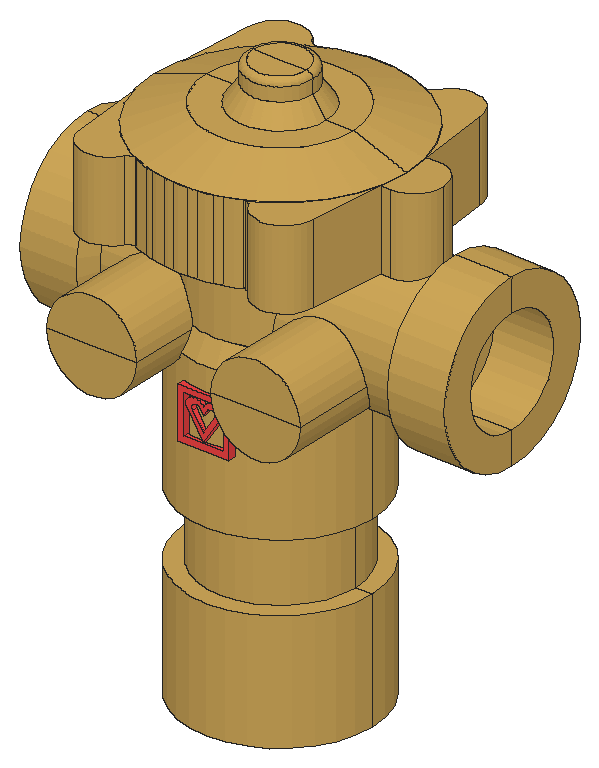
Revit family "Комби-клапан – регулятор расхода 4206_R_SMART", category Rohrzubehör, Revit 2018
Family settings
  Bemaßung runder Anschluss = Durchmesser verwenden
  Teiletyp = Unterbricht
  OmniClass-Nummer = 23.65.55.14
  OmniClass-Titel = Valves for Liquid Services
  Arbeitsebenenbasiert = Nein
  Immer vertikal = Ja
  Beim Laden mit Abzugskörper schneiden = Nein
  Gemeinsam genutzt = Nein
Parameters
  Номер заказа [instance] = size_lookup("4206R_S", "Artnr", 0, Nennweite)  # 1420661
  Мин. рабочая температура (чистая вода) = 2 °C  # constant formula
  Мин. рабочая температура (антифриз) = -20 °C  # constant formula
  Макс. перепад давления = 400000.0 Pa  # constant formula
  Макс. рабочая температура до DN32 = 130 °C  # constant formula
  Макс. рабочая температура от DN40 = 110 °C  # constant formula
  Макс. рабочее давление = 1600000.0 Pa  # constant formula
  Среда = "Качество теплоносителя в соответствии с ÖNORM H5195 и/или предписаниями VDI-Standard 2035.\nРазрешается использование смеси этилен- или пропиленгликоля в соотношении 25-50% с водой."
  URL = "www.herz-armaturen.ru"
  Шпиндель = "Нержавеющая сталь 14301"  # constant formula
  SCRNSEQ = "ARM;ARM_TYP=\"DURR\";2"
  SCRNCODE = "05;04;02"  # constant formula
  S04 [instance] = R01 * 2  # 30.00 mm
  S01 [instance] = L01 + L02  # 75.00 mm
  R02 [instance] = size_lookup("4206R_S", "R2", 9.32 mm, Nennweite)  # 9.316 mm
  R01 [instance] = size_lookup("4206R_S", "R1", 15.00 mm, Nennweite)  # 15.00 mm
  PN = 25  # constant formula
  Кольцевое уплотнение O-Ring = "EPDM"  # constant formula
  Корпус мембраны = "Латунь CW602N"  # constant formula
  Мембрана = "EPDM"  # constant formula
  L14 = 44.00 mm  # constant formula
  L13 = 32.00 mm  # constant formula
  L07 = 119.30°  # constant formula
  L06 = 3.44 mm  # constant formula
  Импульсная трубка = "Медь Cu-DHP (CW024A)"  # constant formula
  Hersteller = "Herz-Armaturen GmbH"  # constant formula
  H11 = 27.60 mm  # constant formula
  H10 = 22.33 mm  # constant formula
  Корпус = "Латунь, устойчивая к селективной цинковой коррозии"  # constant formula
  Пружина = "Пружинная нержавеющая сталь"  # constant formula
  Защитный колпачок = "Пластик"  # constant formula
  B16 = 26.00 mm  # constant formula
  B15 = 23.00 mm  # constant formula
  B14 = 8.73 mm  # constant formula
  B13 = 40.79 mm  # constant formula
  B12 = 36.73 mm  # constant formula
  B11 = 34.69 mm  # constant formula
  B10 = 31.75 mm  # constant formula
  B09 [instance] = size_lookup("4206R_S", "B9", 3.30 mm, Nennweite)  # 3.30 mm
  Nennweite [instance] = 15.00 mm
  L05 = 3.44 mm  # constant formula
  L04 [instance] = size_lookup("4206R_S", "L4", 12.00 mm, Nennweite)  # 12.00 mm
  L03 [instance] = size_lookup("4206R_S", "L3", 10.00 mm, Nennweite)  # 10.00 mm
  L02 = 34.00 mm  # constant formula
  L01 = 41.00 mm  # constant formula
  H09 = 1.08 mm  # constant formula
  H08 = 4.24 mm  # constant formula
  H07 = 28.19 mm  # constant formula
  H06 = 24.02 mm  # constant formula
  H05 = 10.06 mm  # constant formula
  H04 = 6.74 mm  # constant formula
  H03 = 3.46 mm  # constant formula
  H02 [instance] = size_lookup("4206R_S", "H2", 65.00 mm, Nennweite)  # 65.00 mm
  H01 [instance] = size_lookup("4206R_S", "H1", 32.00 mm, Nennweite)  # 35.00 mm
  B08 = 23.05 mm  # constant formula
  B07 [instance] = size_lookup("4206R_S", "B7", 16.50 mm, Nennweite)  # 16.50 mm
  B06 = 5.86 mm  # constant formula
  B05 = 3.70 mm  # constant formula
  B04 = 6.75 mm  # constant formula
  B03 = 7.93 mm  # constant formula
  B02 [instance] = size_lookup("4206R_S", "B2", 12.50 mm, Nennweite)  # 12.50 mm
  B01 = 41.62 mm  # constant formula
  Область применения = "Комби-клапан применяется в системах отопления и охлаждения с насосами. Комби-клапан автоматически ограничивает расход на выбранном участке системы до заданного значения, компенсируя все колебания давления. При этом нет необходимости в измерениях, а регулирование эффективно при любых условиях эксплуатации. Комби-клапан регулирует расход в соответствии с настройкой до заданного значения; на мембрану воздействует давление непосредственно до и после регулирующей части."
Reference planes
  plane 1 "Mitte (Vorne/hinten)": y = 0
  plane 2: z = 0
  plane 3 "Mitte (Links/rechts)": x = 0
Forms (mm)
  Revolve 1, solid, material "Messing, weicher Gelbton, geschweißt"
    sketch origin (0, 0, 0) x (1, 0, 0) y (0, 0, 1)
      loop
        line (0, -65) -> (16.292, -65) -> (16.292, -44) -> (13.292, -44) -> (13.292, -32) -> (16.292, -32) -> (16.292, -6.498) -> (14.505, -2.652) -> (14.505, 6.81) -> (22.33, 10.98) -> (22.33, 24.94) -> (12.949, 28.26) -> (8.129, 28.26) -> (5.75, 31.54) -> (5.75, 33.92)
        arc (5.75, 33.92) -> (5.434, 34.684) -> (4.67, 35) r 1.08
        line (4.67, 35) -> (0, 35) -> (0, -65)
      axis (0, 35) -> (0, -65)
    angle from 0 to 360
  Revolve 2, solid, material "Messing, weicher Gelbton, geschweißt"
    sketch origin (0, 0, -3.3) x (1, 0, 0) y (0, 1, 0)
      loop
        line (-20.425, -26) -> (-12.5, -26) -> (-12.5, -8.046) -> (-20.425, -8.046) -> (-20.425, -26)
      axis (-12.5, -8.046) -> (-12.5, -26)
    angle from 0 to 360
  Revolve 3, solid, material "Messing, weicher Gelbton, geschweißt"
    sketch origin (0, 0, 0) x (-1, 0, 0) y (0, 0, 1)
      loop
        line (34, 9.316) -> (34, 15) -> (24, 15) -> (22.317, 12) -> (-29.317, 12) -> (-31, 15) -> (-41, 15) -> (-41, 9.316) -> (-30.281, 9.316) -> (-30.281, 0) -> (19.925, 0) -> (19.925, 9.316) -> (34, 9.316)
      axis (-41, 0) -> (34, 0)
    angle from 0 to 360
  Extrusion 4, solid, material "Messing, weicher Gelbton, geschweißt"
    sketch origin (0, 0, 25.912) x (-1, 0, 0) y (0, -1, 0)
      loop
        arc (-20.427, -18.385) -> (-16.688, -23.223) -> (-11.063, -20.825) r 5
        arc (-11.063, -20.825) -> (-10.479, -20.304) -> (-9.74, -20.044) r 2.018
        arc (-9.74, -20.044) -> (0, -22.318) -> (9.74, -20.044) r 22
        arc (9.74, -20.044) -> (10.479, -20.304) -> (11.063, -20.825) r 2.018
        arc (11.063, -20.825) -> (16.688, -23.223) -> (20.427, -18.385) r 5
        arc (20.427, -18.385) -> (22, 0) -> (20.427, 18.385) r 108.221
        arc (20.427, 18.385) -> (16.688, 23.223) -> (11.063, 20.825) r 5
        arc (11.063, 20.825) -> (10.467, 20.297) -> (9.713, 20.04) r 2.018
        arc (9.713, 20.04) -> (0, 22.3) -> (-9.713, 20.04) r 22
        arc (-9.713, 20.04) -> (-10.467, 20.297) -> (-11.063, 20.825) r 2.018
        arc (-11.063, 20.825) -> (-16.688, 23.223) -> (-20.427, 18.385) r 5
        arc (-20.427, 18.385) -> (-21.356, 11.79) -> (-21.877, 5.15) r 108.221
        line (-21.877, 5.15) -> (-23.7, 5.15)
        arc (-23.7, 5.15) -> (-27.342, 3.642) -> (-28.85, 0) r 5.15
        arc (-28.85, 0) -> (-27.342, -3.642) -> (-23.7, -5.15) r 5.15
        line (-23.7, -5.15) -> (-21.877, -5.15)
        arc (-21.877, -5.15) -> (-21.356, -11.79) -> (-20.427, -18.385) r 108.221
    from -14.932 to -0.972
  Revolve 5, solid, material "Messing, weicher Gelbton, geschweißt"
    sketch origin (0, 0, -3.3) x (-1, 0, 0) y (0, -1, 0)
      loop
        line (-24.425, 26) -> (-24.425, 8.046) -> (-16.5, 8.046) -> (-16.5, 26) -> (-24.425, 26)
      axis (-16.5, 8.046) -> (-16.5, 26)
    angle from 0 to 360
Lines and regions (mm)
  model lines, detail levels coarse+medium
    curve 1: line (-37.5, 0, 15) -> (-37.5, 0, -15)
    curve 2: line (-37.5, 0, -15) -> (37.5, 0, 15)
    curve 3: line (37.5, 0, 15) -> (37.5, 0, -15)
    curve 4: line (37.5, 0, -15) -> (-37.5, 0, 15)
    curve 5: line (37.287, 0, -14.915) -> (0, 0, 6.74)
    curve 6: line (0, 0, 6.74) -> (-37.5, 0, -15)
    curve 7: line (0, 0, 6.74) -> (0, 0, 24.94)
    curve 8: spline (-22.326, 0, 29.97) -> (-21.566, 0, 31.272) -> (-19.335, 0, 32.485) -> (-15.787, 0, 33.527) -> (-11.163, 0, 34.326) -> (-5.779, 0, 34.829) -> (0, 0, 35) -> (5.779, 0, 34.829) -> (11.163, 0, 34.326) -> (15.787, 0, 33.527) -> (19.335, 0, 32.485) -> (21.566, 0, 31.272) -> (22.326, 0, 29.97) -> (21.566, 0, 28.668) -> (19.335, 0, 27.455) -> (15.787, 0, 26.413) -> (11.163, 0, 25.614) -> (5.779, 0, 25.111) -> (0, 0, 24.94) -> (-5.779, 0, 25.111) -> (-11.163, 0, 25.614) -> (-15.787, 0, 26.413) -> (-19.335, 0, 27.455) -> (-21.566, 0, 28.668) -> (-22.326, 0, 29.97)
    curve 9: line (37.5, -15, 0) -> (37.5, 15, 0)
    curve 10: line (37.5, 15, 0) -> (-37.5, -15, 0)
    curve 11: line (-37.5, -15, 0) -> (-37.5, 15, 0)
    curve 12: line (-37.5, 15, 0) -> (37.5, -15, 0)
    curve 13: line (-37.5, 14.673, 0) -> (0, -6.74, 0)
    curve 14: line (0, -6.74, 0) -> (37.5, 14.673, 0)
    curve 15: line (0, -6.74, 0) -> (0, -24.94, 0)
    curve 16: spline (-22.33, -29.97, 0) -> (-21.569, -28.668, 0) -> (-19.338, -27.455, 0) -> (-15.79, -26.413, 0) -> (-11.165, -25.614, 0) -> (-5.779, -25.111, 0) -> (0, -24.94, 0) -> (5.779, -25.111, 0) -> (11.165, -25.614, 0) -> (15.79, -26.413, 0) -> (19.338, -27.455, 0) -> (21.569, -28.668, 0) -> (22.33, -29.97, 0) -> (21.569, -31.272, 0) -> (19.338, -32.485, 0) -> (15.79, -33.527, 0) -> (11.165, -34.326, 0) -> (5.779, -34.829, 0) -> (0, -35, 0) -> (-5.779, -34.829, 0) -> (-11.165, -34.326, 0) -> (-15.79, -33.527, 0) -> (-19.338, -32.485, 0) -> (-21.569, -31.272, 0) -> (-22.33, -29.97, 0)
Dimensions and locks
  "H01": Revolve 1 sketch curve to plane 2
  "H02": plane 2 to Revolve 1 sketch curve
  "H03": Revolve 1 sketch curve to Revolve 1 sketch curve
  "H04": Revolve 1 sketch curve to Revolve 1 sketch curve
  "H05": Revolve 1 sketch curve to Revolve 1 sketch curve
  "H06": Revolve 1 sketch curve to Revolve 1 sketch curve
  "H07": Revolve 1 sketch curve to Revolve 1 sketch curve
  "H08": Revolve 1 sketch curve to Revolve 1 sketch curve
  "L02": plane 3 "Mitte (Links/rechts)" to Revolve 3 sketch curve
  "L01": Revolve 3 sketch curve to plane 3 "Mitte (Links/rechts)"
  "L03": Revolve 3 sketch curve to Revolve 3 sketch curve
  "L04": Revolve 3 sketch curve to plane 2
  "L05": Revolve 3 sketch curve to Revolve 3 sketch curve
  "R01": Revolve 3 sketch curve to plane 2  (x2)
  "R02": Revolve 3 sketch curve to plane 2  (x2)
  "B16": Revolve 2 sketch curve to plane 1 "Mitte (Vorne/hinten)"
  "B02": Revolve 2 sketch curve to plane 3 "Mitte (Links/rechts)"
  "B07": plane 3 "Mitte (Links/rechts)" to Revolve 5 sketch curve
  "B16": plane 1 "Mitte (Vorne/hinten)" to Revolve 5 sketch curve
  "L06": Revolve 3 sketch curve to Revolve 3 sketch curve
  "S01": curve 11 to curve 9
  equal spacing: curve 11, plane 3 "Mitte (Links/rechts)", curve 9
  "S04": curve 12 to curve 11
  "S04": curve 10 to curve 12
  equal spacing: curve 10, plane 1 "Mitte (Vorne/hinten)", curve 12
  equal spacing: curve 12, plane 1 "Mitte (Vorne/hinten)", curve 10
  "H10": curve 16 to plane 3 "Mitte (Links/rechts)" to curve 16
  "H10": plane 3 "Mitte (Links/rechts)" to Revolve 1 sketch curve
  "H04": curve 15 to plane 1 "Mitte (Vorne/hinten)"
  "H05": curve 16 to curve 16
  "H01": curve 16 to plane 1 "Mitte (Vorne/hinten)"
  "S01": curve 1 to curve 3
  equal spacing: curve 1, plane 3 "Mitte (Links/rechts)", curve 3
  "S04": curve 4 to curve 6
  "S04": curve 3 to curve 4
  equal spacing: curve 4, plane 2, curve 6
  equal spacing: curve 3, plane 2, curve 4
  "H04": curve 7 to plane 2
  "H01": curve 8 to plane 2
  "H05": curve 8 to curve 8
  "L13": plane 2 to Revolve 1 sketch curve
  "L14": plane 2 to Revolve 1 sketch curve
  "H09": radius of Revolve 1 sketch curve
  aligned and locked: level to plane 2
  aligned and locked: Extrusion 4 to Revolve 1
  aligned and locked: Revolve 1 to Extrusion 4
Automatic sketch dimensions
  Extrusion 4 sketch curve to Extrusion 4 sketch curve = 0.00 mm  (x5)
  plane 1 "Mitte (Vorne/hinten)" to Extrusion 4 sketch curve = 0.00 mm  (x3)
  Extrusion 4 sketch curve to plane 3 "Mitte (Links/rechts)" = 0.00 mm  (x2)
  plane 3 "Mitte (Links/rechts)" to Extrusion 4 sketch curve = 9.452 mm  (x2)
  Extrusion 4 sketch curve to Extrusion 4 sketch curve = 5.975 mm  (x4)
  Extrusion 4 sketch curve to plane 1 "Mitte (Vorne/hinten)" = 5.15 mm
  Extrusion 4 sketch curve to Extrusion 4 sketch curve = 6.45 mm
  Extrusion 4 sketch curve to Extrusion 4 sketch curve = 1.823 mm
  Extrusion 4 sketch curve to Extrusion 4 sketch curve = 57.371 mm
  Extrusion 4 sketch curve to plane 3 "Mitte (Links/rechts)" = 9.452 mm  (x2)
  Extrusion 4 sketch curve to Extrusion 4 sketch curve = 70.794 mm
  Extrusion 4 sketch curve to plane 1 "Mitte (Vorne/hinten)" = 18.385 mm
  Extrusion 4 sketch curve to Extrusion 4 sketch curve = 13.235 mm  (x2)
  Extrusion 4 sketch curve to Extrusion 4 sketch curve = 3.657 mm  (x4)
  Extrusion 4 sketch curve to plane 1 "Mitte (Vorne/hinten)" = 0.318 mm
  plane 1 "Mitte (Vorne/hinten)" to Extrusion 4 sketch curve = 0.30 mm
  plane 1 "Mitte (Vorne/hinten)" to Extrusion 4 sketch curve = 18.385 mm
  Extrusion 4 sketch curve to Extrusion 4 sketch curve = 0.261 mm  (x2)
  Extrusion 4 sketch curve to Extrusion 4 sketch curve = 0.288 mm  (x2)
  Extrusion 4 sketch curve to Extrusion 4 sketch curve = 1.35 mm  (x2)
  Extrusion 4 sketch curve to Extrusion 4 sketch curve = 1.323 mm
  Extrusion 4 sketch curve to Extrusion 4 sketch curve = 5.00 mm
  curve 14 to plane 3 "Mitte (Links/rechts)" = 0.00 mm
  curve 14 to curve 9 = 0.327 mm
  curve 13 to curve 11 = 0.327 mm
  Revolve 1 sketch curve to plane 3 "Mitte (Links/rechts)" = 0.00 mm  (x2)
  plane 3 "Mitte (Links/rechts)" to Revolve 1 sketch curve = 4.67 mm
  Revolve 1 sketch curve to Revolve 1 sketch curve = 2.379 mm
  Revolve 1 sketch curve to Revolve 1 sketch curve = 4.82 mm
  plane 3 "Mitte (Links/rechts)" to Revolve 1 sketch curve = 13.292 mm
  Revolve 1 sketch curve to level = 2.652 mm
  plane 3 "Mitte (Links/rechts)" to Revolve 1 sketch curve = 14.505 mm
  Revolve 1 sketch curve to Revolve 1 sketch curve = 3.00 mm  (x2)
  Revolve 1 sketch curve to Revolve 1 sketch curve = 292.892 mm
  Revolve 1 sketch curve to Revolve 1 sketch curve = 2176.299 mm
  Revolve 2 sketch curve to Revolve 2 sketch curve = 7.925 mm
  plane 1 "Mitte (Vorne/hinten)" to Revolve 2 sketch curve = 8.046 mm
  Revolve 2 sketch curve to Revolve 2 sketch curve = 0.00 mm  (x2)
  Revolve 2 sketch curve to Revolve 2 sketch curve = 15.617 mm
  Revolve 3 sketch curve to level = 0.00 mm  (x2)
  Revolve 3 sketch curve to Revolve 3 sketch curve = 10.00 mm
  Revolve 3 sketch curve to Revolve 3 sketch curve = 0.964 mm
  Revolve 3 sketch curve to Revolve 3 sketch curve = 2.391 mm
  Revolve 3 sketch curve to Revolve 3 sketch curve = 1315.107 mm
  Revolve 3 sketch curve to Revolve 3 sketch curve = 1862.053 mm
  Revolve 5 sketch curve to Revolve 5 sketch curve = 7.925 mm
  plane 1 "Mitte (Vorne/hinten)" to Revolve 5 sketch curve = 8.046 mm
  Revolve 5 sketch curve to Revolve 5 sketch curve = 0.00 mm  (x2)
  Revolve 5 sketch curve to Revolve 5 sketch curve = 15.617 mm
  curve 6 to plane 3 "Mitte (Links/rechts)" = 0.00 mm
  curve 8 to plane 3 "Mitte (Links/rechts)" = 0.00 mm
  curve 1 to curve 8 = 15.174 mm
  curve 5 to level = 14.915 mm
Nested families
  nested 1: "Herz-Logo-vorne" at (0, -16.164, -15) x (0, 1, 0) z (0, 0, 1), type "Herz-Logo-vorne"
Connectors
  piping at (30.281, 0, 0), diameter 15, driven by "Nennweite"
    settings: on Revolve 3, index 1, connector inside diameter 609.6 mm, connector length 0.00 mm, flow factor 0, pipe flow 0.0 L/s, pressure drop 0.0 Pa, fitting loss kfactor 0, connector angle 0.00°, fixture units 0, engagement length 0.00 mm, angle of deflection 0.00°, flow configuration 0, flow direction 1, fitting loss method 0, system type 29, joint type 0, gender type 0, connector reference index -1, connector utility 0, adjustable connector no, is connector primary yes, connector description ""
  piping at (-19.925, 0, 0), diameter 15, driven by "Nennweite"
    settings: on Revolve 3, index 2, connector inside diameter 609.6 mm, connector length 0.00 mm, flow factor 0, pipe flow 0.0 L/s, pressure drop 0.0 Pa, fitting loss kfactor 0, connector angle 0.00°, fixture units 0, engagement length 0.00 mm, angle of deflection 0.00°, flow configuration 0, flow direction 2, fitting loss method 0, system type 29, joint type 0, gender type 0, connector reference index -1, connector utility 0, adjustable connector no, is connector primary no, connector description ""
Definition of nested family "Herz-Logo-vorne"
  Reference planes
    plane 1 "Mitte (Vorne/hinten)": y = 0
    plane 2: z = 0
    plane 3 "Mitte (Links/rechts)": x = 0
  Forms (mm)
    Extrusion 1, solid
      sketch origin (0.732, -0.018, 0.017) x (0, -1, 0) y (0, 0, 1)
        loop
          line (-0.018, -4.517) -> (4.482, -4.517) -> (4.482, 4.483) -> (-4.518, 4.483) -> (-4.518, -4.517) -> (-0.018, -4.517)
        loop
          line (-0.05, -3.48) -> (3.482, -3.48) -> (3.482, 3.483) -> (-3.518, 3.483) -> (-3.518, -3.48) -> (-0.05, -3.48)
        loop
          arc (-0.018, 2.383) -> (-1.543, 3.287) -> (-3.067, 2.383) r 1.738
          arc (-3.067, 2.383) -> (-3.191, 1.899) -> (-3.067, 1.415) r 1.009
          line (-3.067, 1.415) -> (-0.018, -3.281) -> (3.032, 1.415)
          arc (3.032, 1.415) -> (3.156, 1.899) -> (3.032, 2.383) r 1.009
          arc (3.032, 2.383) -> (1.507, 3.287) -> (-0.018, 2.383) r 1.738
        loop
          arc (1.885, 1.272) -> (2.005, 1.675) -> (1.885, 2.079) r 0.74
          arc (1.885, 2.079) -> (1.265, 2.416) -> (0.644, 2.079) r 0.74
          line (0.644, 2.079) -> (-0.018, 0.97) -> (-0.679, 2.079)
          arc (-0.679, 2.079) -> (-1.3, 2.416) -> (-1.921, 2.079) r 0.74
          arc (-1.921, 2.079) -> (-2.04, 1.675) -> (-1.921, 1.272) r 0.74
          line (-1.921, 1.272) -> (-0.018, -1.658) -> (1.885, 1.272)
      from 0 to 1.5
  Dimensions and locks
    aligned and locked: level to plane 2
